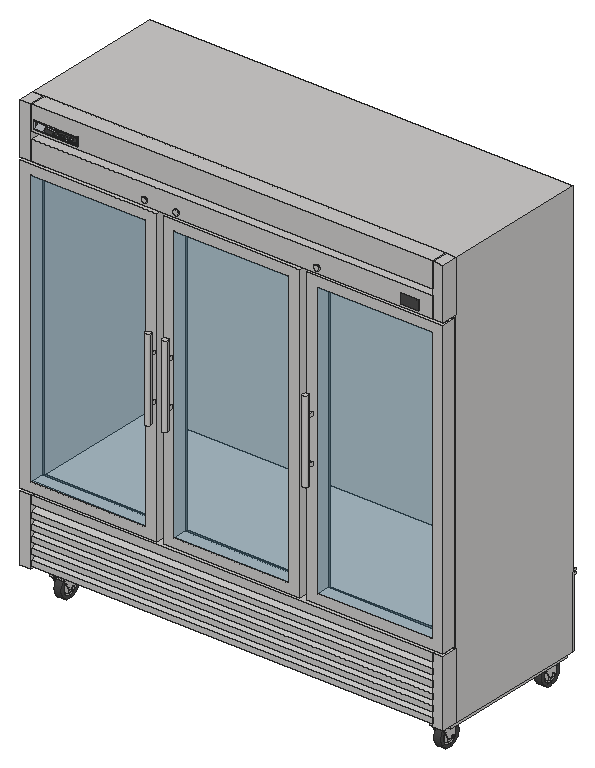
Revit family "QF_TRUE_TS-72FG-HC~FGD01", category Specialty Equipment, Revit 2015 (continued)
Definition of nested family "CASTER-LEGS"
  Definition of nested family "C2.5"
    Parameters
      Specification by User [instance] = ""
      Specification by Manufacturer = ""
      Serial Number = ""
      Seismic Rating = ""
      SMACNA No = ""
      Revision Code [instance] = ""
      Omniclass Number and Title = ""
      NAFEM Spec ID Number = ""
      Model = ""
      MasterSpec. = ""
      Manufacturer = ""
      Item Number [instance] = ""
      Installed By [instance] = ""
      Identify Quantity as Lot [instance] = yes
      Furnished By [instance] = ""
      Foodservice Equipment Identifier [instance] = yes
      Description = ""
      CSI MasterFormat = ""
      CSI Master Format = ""
      Assembly Code = ""
      2.5 Inches Caster [instance] = yes
    Reference planes (in)
      plane 1: z = 0
      plane 2 "RIGHT": x = 0
      plane 3 "FRONT": y = 0
      plane 4 "TOP": z = 2.5
    Forms (in)
      Revolve 1, solid, visible <- "2.5 Inches Caster"
        sketch origin (-1.93794, 0.83816, -1.0041) x (1, 0, 0) y (0, 0, 1)
          loop
            line (0.74055, 1.92597) -> (0.74055, 1.85047) -> (0.79055, 1.80047) -> (0.85055, 1.80047) -> (0.85055, 1.6804) -> (1.235, 1.6804) -> (1.235, 1.61305) -> (1.38673, 1.52545) -> (1.4003, 1.4416) -> (1.34375, 1.4416) -> (1.34375, 1.3166) -> (1.375, 1.3166) -> (1.375, 1.0041) -> (2.48438, 1.0041) -> (2.48438, 1.3166) -> (2.51563, 1.3166) -> (2.51563, 1.4416) -> (2.45908, 1.4416) -> (2.47322, 1.52897) -> (2.62438, 1.61624) -> (2.62438, 1.6804) -> (3.04007, 1.6804) -> (3.04007, 1.80047) -> (3.10007, 1.80047) -> (3.15007, 1.85047) -> (3.15007, 1.92597) -> (0.74055, 1.92597)
          axis (0.74055, 1.92597) -> (3.15007, 1.92597)
        angle from 0 to 360
      Extrusion 2, solid, visible <- "2.5 Inches Caster"
        sketch origin (-1.93794, 1.80294, -3.2541) x (0, 1, 0) y (0, 0, 1)
          loop
            line (-0.64294, 5.43229) -> (-0.64294, 5.55298) -> (-2.21294, 5.55298) -> (-2.21294, 5.30272) -> (-1.81966, 5.30272)
            arc (-1.81966, 5.30272) -> (-1.13638, 5.20789) -> (-0.46376, 5.05475) r 8.02767
            arc (-0.46376, 5.05475) -> (-0.19511, 4.95469) -> (0.05138, 4.80832) r 1.60049
            line (0.05138, 4.80832) -> (0.12713, 4.91318)
            arc (0.12713, 4.91318) -> (-0.07255, 5.06376) -> (-0.29048, 5.18644) r 1.8753
            line (-0.29048, 5.18644) -> (-0.22239, 5.30423)
            arc (-0.22239, 5.30423) -> (-0.42776, 5.38437) -> (-0.64294, 5.43229) r 1.44292
        from 1.17357 to 2.70231
      Revolve 3, solid, visible <- "2.5 Inches Caster"
        sketch origin (0, 2.10856, -3.75) x (0, 1, 0) y (0, 0, 1)
          loop
            line (-1.73858, 6.25) -> (-1.73858, 6.04889) -> (-1.05793, 6.04889) -> (-1.05793, 6.25) -> (-1.73858, 6.25)
          axis (-1.73858, 6.04889) -> (-1.73858, 6.25)
        angle from 0 to 360
      Extrusion 4, solid, visible <- "2.5 Inches Caster"
        sketch origin (-1.98481, 1.80294, -1.7541) x (0, 1, 0) y (0, 0, 1)
          loop
            line (-2.21294, 4.05298) -> (-2.21294, 3.80272) -> (-2.13999, 3.80272)
            arc (-2.13999, 3.80272) -> (-1.62379, 3.51899) -> (-1.39241, 2.97729) r 0.90292
            arc (-1.39241, 2.97729) -> (-1.36136, 2.78161) -> (-1.29729, 2.59413) r 1.15385
            arc (-1.29729, 2.59413) -> (-0.94802, 2.37355) -> (-0.6121, 2.61396) r 0.37001
            arc (-0.6121, 2.61396) -> (-0.59625, 2.66241) -> (-0.58446, 2.712) r 0.61695
            arc (-0.58446, 2.712) -> (-0.36134, 3.11665) -> (0.05609, 3.31484) r 0.75313
            line (0.05609, 3.31484) -> (0.12713, 3.41318)
            arc (0.12713, 3.41318) -> (-0.07255, 3.56376) -> (-0.29048, 3.68644) r 1.8753
            line (-0.29048, 3.68644) -> (-0.22239, 3.80423)
            arc (-0.22239, 3.80423) -> (-0.42776, 3.88437) -> (-0.64294, 3.93229) r 1.44292
            line (-0.64294, 3.93229) -> (-0.64294, 4.05298) -> (-2.21294, 4.05298)
        from 2.74918 to 2.90825
      Extrusion 5, solid, visible <- "2.5 Inches Caster"
        sketch origin (1.98481, 1.80294, -1.7541) x (0, 1, 0) y (0, 0, -1)
          loop
            line (-2.21294, -4.05298) -> (-0.64294, -4.05298) -> (-0.64294, -3.93229)
            arc (-0.64294, -3.93229) -> (-0.42776, -3.88437) -> (-0.22239, -3.80423) r 1.44292
            line (-0.22239, -3.80423) -> (-0.29048, -3.68644)
            arc (-0.29048, -3.68644) -> (-0.07255, -3.56376) -> (0.12713, -3.41318) r 1.8753
            line (0.12713, -3.41318) -> (0.05609, -3.31484)
            arc (0.05609, -3.31484) -> (-0.36134, -3.11665) -> (-0.58446, -2.712) r 0.75313
            arc (-0.58446, -2.712) -> (-0.59625, -2.66241) -> (-0.6121, -2.61396) r 0.61695
            arc (-0.6121, -2.61396) -> (-0.94802, -2.37355) -> (-1.29729, -2.59413) r 0.37001
            arc (-1.29729, -2.59413) -> (-1.36136, -2.78161) -> (-1.39241, -2.97729) r 1.15385
            arc (-1.39241, -2.97729) -> (-1.62379, -3.51899) -> (-2.13999, -3.80272) r 0.90292
            line (-2.13999, -3.80272) -> (-2.21294, -3.80272) -> (-2.21294, -4.05298)
        from 2.74918 to 2.90825
    Lines and regions (in)
      symbolic lines, visible <- "2.5 Inches Caster"
        curve 1: line (0.10651, 1.96132, 0) -> (0.80944, 1.55548, 0)
        curve 2: line (-0.89349, 0.22927, 0) -> (0.10651, 1.96132, 0)
        curve 3: line (-0.19056, -0.17657, 0) -> (-0.89349, 0.22927, 0)
        curve 4: line (0.80944, 1.55548, 0) -> (-0.19056, -0.17657, 0)
    Dimensions and locks (in)
      plane 4 "TOP" to level = 2 1/2"  (x2)
      aligned and locked: level to plane 1
  Definition of nested family "PITCO_5 INCHES CASTER"
    Parameters
      Weight = ""
      URL Manufacturer = ""
      URL Cutsheet = ""
      URL = ""
      Type Mark [instance] = ""
      Status [instance] = ""
      Specification by User [instance] = ""
      Specification by Manufacturer = ""
      Show Casters [instance] = yes
      Rubber = none
      Chrome = none
      Serial Number = ""
      Seismic Rating = ""
      SMACNA No = ""
      Revision Code [instance] = ""
      Omniclass Number and Title = ""
      NAFEM Spec ID Number = ""
      Model = ""
      MasterSpec. = ""
      Manufacturer = ""
      Item Number [instance] = ""
      Installed By [instance] = ""
      Identify Quantity as Lot [instance] = yes
      Furnished By [instance] = ""
      Foodservice Equipment Identifier [instance] = yes
      Description = ""
      CSI MasterFormat = ""
      CSI Master Format = ""
      Assembly Code = ""
    Reference planes (in)
      plane 1: z = 0
      plane 2 "RIGHT": x = 0
      plane 3 "FRONT": y = 0
      plane 4 "TOP": z = 5
    Forms (in)
      Revolve 1, solid, visible <- "Show Casters"
        sketch origin (-180, 1.0625, -34.67466) x (0, 0, -1) y (-1, 0, 0)
          loop
            line (-34.67466, -180.64009) -> (-34.67466, -179.35991) -> (-35.17466, -179.35991) -> (-35.17466, -179.48491) -> (-35.42466, -179.48491) -> (-35.42466, -179.64009) -> (-36.48519, -179.60306) -> (-36.48519, -178.85852) -> (-36.5316, -178.85852) -> (-36.5316, -178.71719) -> (-36.70591, -178.71719) -> (-36.70591, -181.28281) -> (-36.5316, -181.28281) -> (-36.5316, -181.14148) -> (-36.48519, -181.14148) -> (-36.48519, -180.39694) -> (-35.42466, -180.35991) -> (-35.42466, -180.51509) -> (-35.17466, -180.51509) -> (-35.17466, -180.64009) -> (-34.67466, -180.64009)
          axis (-36.70591, -181.28281) -> (-36.70591, -178.71719)
        angle from 0 to 360
      Extrusion 2, solid, visible <- "Show Casters"
        sketch origin (0, 0, -1.11142) x (0, -1, 0) y (1, 0, 0)
          loop
            circle (0, 0) r 1.5
        from 5.61142 to 6.11142
      Extrusion 3, solid, visible <- "Show Casters"
        sketch origin (0, 0, 0.289) x (0, -1, 0) y (0, 0, 1)
          loop
            arc (0.91808, 3.59427) -> (1.13645, 3.7909) -> (1.42156, 3.86198) r 0.60732
            line (1.42156, 3.86198) -> (1.46208, 3.86198) -> (1.43155, 4.211) -> (-1.43155, 4.211)
            arc (-1.43155, 4.211) -> (-1.62474, 4.13098) -> (-1.70476, 3.93778) r 0.27322
            line (-1.70476, 3.93778) -> (-1.70476, 3.78861) -> (-1.76351, 2.11371) -> (-1.82446, 1.68005)
            arc (-1.82446, 1.68005) -> (-1.73191, 1.41127) -> (-1.46007, 1.32816) r 0.31307
            line (-1.46007, 1.32816) -> (-0.60834, 1.47835)
            arc (-0.60834, 1.47835) -> (-0.50841, 1.51771) -> (-0.43181, 1.59299) r 0.26936
            line (-0.43181, 1.59299) -> (0.91808, 3.59427)
        from 0.84601 to 1.05998
      Extrusion 4, solid, visible <- "Show Casters"
        sketch origin (0, 0, -0.82242) x (0, -1, 0) y (0, 0, -1)
          loop
            line (1.43155, -5.32242) -> (1.46208, -4.9734) -> (1.42156, -4.9734)
            arc (1.42156, -4.9734) -> (1.13645, -4.90232) -> (0.91808, -4.70569) r 0.60732
            line (0.91808, -4.70569) -> (-0.43181, -2.70441)
            arc (-0.43181, -2.70441) -> (-0.50841, -2.62913) -> (-0.60834, -2.58977) r 0.26936
            line (-0.60834, -2.58977) -> (-1.46007, -2.43958)
            arc (-1.46007, -2.43958) -> (-1.73191, -2.52269) -> (-1.82446, -2.79147) r 0.31307
            line (-1.82446, -2.79147) -> (-1.76351, -3.22513) -> (-1.70476, -4.90003) -> (-1.70476, -5.0492)
            arc (-1.70476, -5.0492) -> (-1.62474, -5.2424) -> (-1.43155, -5.32242) r 0.27322
            line (-1.43155, -5.32242) -> (1.43155, -5.32242)
        from 0.84601 to 1.05998
      Extrusion 5, solid, visible <- "Show Casters"
        sketch origin (-0.84601, 0, 0.289) x (0, 1, 0) y (0, 0, 1)
          loop
            line (1.43155, 4.211) -> (-1.43155, 4.211) -> (-1.46208, 3.86198) -> (-1.42156, 3.86198)
            arc (-1.42156, 3.86198) -> (-1.13645, 3.7909) -> (-0.91808, 3.59427) r 0.60732
            arc (-0.91808, 3.59427) -> (0.37927, 3.88135) -> (1.70476, 3.78861) r 4.63574
            line (1.70476, 3.78861) -> (1.70476, 3.93778)
            arc (1.70476, 3.93778) -> (1.62474, 4.13098) -> (1.43155, 4.211) r 0.27322
        from 0 to 1.69203
    Cuts and joins
      joined: Extrusion 3, Extrusion 4, Extrusion 5
    Lines and regions (in)
      symbolic lines, visible <- "Show Casters"
        curve 1: line (0.70901, 2.6399, 0) -> (1.79507, 2.01286, 0)
        curve 2: line (-1.79099, -1.69023, 0) -> (0.70901, 2.6399, 0)
        curve 3: line (-0.70493, -2.31727, 0) -> (-1.79099, -1.69023, 0)
        curve 4: line (1.79507, 2.01286, 0) -> (-0.70493, -2.31727, 0)
    Dimensions and locks (in)
      plane 4 "TOP" to level = 5"  (x2)
      aligned and locked: level to plane 1
  Definition of nested family "2.13"
    Parameters
      Weight = ""
      URL Manufacturer = ""
      URL Cutsheet = ""
      URL = ""
      Type Mark [instance] = ""
      Status [instance] = ""
      Specification by User [instance] = ""
      Specification by Manufacturer = ""
      Serial Number = ""
      Seismic Rating = ""
      SMACNA No = ""
      Revision Code [instance] = ""
      Omniclass Number and Title = ""
      NAFEM Spec ID Number = ""
      Model = ""
      MasterSpec. = ""
      Manufacturer = ""
      Item Number [instance] = ""
      Installed By [instance] = ""
      Identify Quantity as Lot [instance] = yes
      Furnished By [instance] = ""
      Foodservice Equipment Identifier [instance] = yes
      Description = ""
      CSI MasterFormat = ""
      CSI Master Format = ""
      Assembly Code = ""
      2.5 Inches Caster [instance] = yes
    Reference planes (in)
      plane 1: z = 0
      plane 2 "RIGHT": x = 0
      plane 3 "FRONT": y = 0
      plane 4 "TOP": z = 2.125
    Forms (in)
      Revolve 1, solid, visible <- "2.5 Inches Caster"
        sketch origin (-1.93794, 0.83816, -1.0041) x (1, 0, 0) y (0, 0, 1)
          loop
            line (0.74055, 1.76972) -> (0.74055, 1.69422) -> (0.79055, 1.64422) -> (0.85055, 1.64422) -> (0.85055, 1.52415) -> (1.235, 1.52415) -> (1.235, 1.4568) -> (1.38673, 1.3692) -> (1.4003, 1.28535) -> (1.34375, 1.28535) -> (1.34375, 1.16035) -> (1.375, 1.16035) -> (1.375, 1.0041) -> (1.87544, 1.0041) -> (1.87544, 1.52415) -> (2.00044, 1.52415) -> (2.00044, 1.0041) -> (2.48438, 1.0041) -> (2.48438, 1.16035) -> (2.51563, 1.16035) -> (2.51563, 1.28535) -> (2.45908, 1.28535) -> (2.47322, 1.37272) -> (2.62438, 1.45999) -> (2.62438, 1.52415) -> (3.04007, 1.52415) -> (3.04007, 1.64422) -> (3.10007, 1.64422) -> (3.15007, 1.69422) -> (3.15007, 1.76972) -> (0.74055, 1.76972)
          axis (0.74055, 1.76972) -> (3.15007, 1.76972)
        angle from 0 to 360
      Extrusion 2, solid, visible <- "2.5 Inches Caster"
        sketch origin (-1.93794, 1.80294, -3.6291) x (0, 1, 0) y (0, 0, 1)
          loop
            line (-0.64294, 5.43229) -> (-0.64294, 5.55298) -> (-2.21294, 5.55298) -> (-2.21294, 5.30272) -> (-1.81966, 5.30272)
            arc (-1.81966, 5.30272) -> (-1.13638, 5.20789) -> (-0.46376, 5.05475) r 8.02767
            arc (-0.46376, 5.05475) -> (-0.19511, 4.95469) -> (0.05138, 4.80832) r 1.60049
            line (0.05138, 4.80832) -> (0.12713, 4.91318)
            arc (0.12713, 4.91318) -> (-0.07255, 5.06376) -> (-0.29048, 5.18644) r 1.8753
            line (-0.29048, 5.18644) -> (-0.22239, 5.30423)
            arc (-0.22239, 5.30423) -> (-0.42776, 5.38437) -> (-0.64294, 5.43229) r 1.44292
        from 1.17357 to 2.70231
      Revolve 3, solid, visible <- "2.5 Inches Caster"
        sketch origin (0, 2.10856, -4.125) x (0, 1, 0) y (0, 0, 1)
          loop
            line (-1.73858, 6.25) -> (-1.73858, 6.04889) -> (-1.05793, 6.04889) -> (-1.05793, 6.25) -> (-1.73858, 6.25)
          axis (-1.73858, 6.04889) -> (-1.73858, 6.25)
        angle from 0 to 360
      Extrusion 4, solid, visible <- "2.5 Inches Caster"
        sketch origin (-1.98481, 1.80294, -2.1291) x (0, 1, 0) y (0, 0, 1)
          loop
            line (-2.21294, 4.05298) -> (-2.21294, 3.80272) -> (-2.13999, 3.80272)
            arc (-2.13999, 3.80272) -> (-1.62379, 3.51899) -> (-1.39241, 2.97729) r 0.90292
            arc (-1.39241, 2.97729) -> (-1.36136, 2.78161) -> (-1.29729, 2.59413) r 1.15385
            arc (-1.29729, 2.59413) -> (-0.94802, 2.37355) -> (-0.6121, 2.61396) r 0.37001
            arc (-0.6121, 2.61396) -> (-0.59625, 2.66241) -> (-0.58446, 2.712) r 0.61695
            arc (-0.58446, 2.712) -> (-0.36134, 3.11665) -> (0.05609, 3.31484) r 0.75313
            line (0.05609, 3.31484) -> (0.12713, 3.41318)
            arc (0.12713, 3.41318) -> (-0.07255, 3.56376) -> (-0.29048, 3.68644) r 1.8753
            line (-0.29048, 3.68644) -> (-0.22239, 3.80423)
            arc (-0.22239, 3.80423) -> (-0.42776, 3.88437) -> (-0.64294, 3.93229) r 1.44292
            line (-0.64294, 3.93229) -> (-0.64294, 4.05298) -> (-2.21294, 4.05298)
        from 2.74918 to 2.90825
      Extrusion 5, solid, visible <- "2.5 Inches Caster"
        sketch origin (1.98481, 1.80294, -2.1291) x (0, 1, 0) y (0, 0, -1)
          loop
            line (-2.21294, -4.05298) -> (-0.64294, -4.05298) -> (-0.64294, -3.93229)
            arc (-0.64294, -3.93229) -> (-0.42776, -3.88437) -> (-0.22239, -3.80423) r 1.44292
            line (-0.22239, -3.80423) -> (-0.29048, -3.68644)
            arc (-0.29048, -3.68644) -> (-0.07255, -3.56376) -> (0.12713, -3.41318) r 1.8753
            line (0.12713, -3.41318) -> (0.05609, -3.31484)
            arc (0.05609, -3.31484) -> (-0.36134, -3.11665) -> (-0.58446, -2.712) r 0.75313
            arc (-0.58446, -2.712) -> (-0.59625, -2.66241) -> (-0.6121, -2.61396) r 0.61695
            arc (-0.6121, -2.61396) -> (-0.94802, -2.37355) -> (-1.29729, -2.59413) r 0.37001
            arc (-1.29729, -2.59413) -> (-1.36136, -2.78161) -> (-1.39241, -2.97729) r 1.15385
            arc (-1.39241, -2.97729) -> (-1.62379, -3.51899) -> (-2.13999, -3.80272) r 0.90292
            line (-2.13999, -3.80272) -> (-2.21294, -3.80272) -> (-2.21294, -4.05298)
        from 2.74918 to 2.90825
    Lines and regions (in)
      symbolic lines, visible <- "2.5 Inches Caster"
        curve 1: line (0.10651, 1.27186, 0) -> (0.80944, 0.86603, 0)
        curve 2: line (-0.89349, -0.46019, 0) -> (0.10651, 1.27186, 0)
        curve 3: line (-0.19056, -0.86603, 0) -> (-0.89349, -0.46019, 0)
        curve 4: line (0.80944, 0.86603, 0) -> (-0.19056, -0.86603, 0)
    Dimensions and locks (in)
      plane 4 "TOP" to level = 2 1/8"  (x2)
      aligned and locked: level to plane 1
  Definition of nested family "C4"
    Parameters
      Weight = ""
      URL Manufacturer = ""
      URL Cutsheet = ""
      URL = ""
      Type Mark [instance] = ""
      Specification by User [instance] = ""
      Specification by Manufacturer = ""
      Show 4 Inches Casters [instance] = yes
      Serial Number = ""
      Seismic Rating = ""
      SMACNA No = ""
      Revision Code [instance] = ""
      Omniclass Number and Title = ""
      NAFEM Spec ID Number = ""
      Model = ""
      MasterSpec. = ""
      Manufacturer = ""
      Item Number [instance] = ""
      Installed By [instance] = ""
      Identify Quantity as Lot [instance] = yes
      Furnished By [instance] = ""
      Foodservice Equipment Identifier [instance] = yes
      Description = ""
      CSI MasterFormat = ""
      CSI Master Format = ""
      Assembly Code = ""
    Reference planes (in)
      plane 1: z = 0
      plane 2 "RIGHT": x = 0
      plane 3 "FRONT": y = 0
      plane 4 "TOP": z = 4
    Forms (in)
      Revolve 1, solid, visible <- "Show 4 Inches Casters"
        sketch origin (-1.93794, 0.83816, -1.0041) x (1, 0, 0) y (0, 0, 1)
          loop
            line (0.74055, 2.5041) -> (3.15007, 2.5041) -> (3.15007, 2.5796) -> (3.10007, 2.6296) -> (3.04007, 2.6296) -> (3.04007, 2.74967) -> (2.62438, 2.74967) -> (2.62438, 2.93884) -> (2.48438, 3.01967) -> (2.45908, 3.17597) -> (2.51563, 3.17597) -> (2.51563, 3.41035) -> (2.48438, 3.41035) -> (2.48438, 4.0041) -> (1.375, 4.0041) -> (1.375, 3.41035) -> (1.34375, 3.41035) -> (1.34375, 3.17597) -> (1.4003, 3.17597) -> (1.37557, 3.02318) -> (1.235, 2.94202) -> (1.235, 2.74967) -> (0.85055, 2.74967) -> (0.85055, 2.6296) -> (0.79055, 2.6296) -> (0.74055, 2.5796) -> (0.74055, 2.5041)
          axis (0.74055, 2.5041) -> (3.15007, 2.5041)
        angle from 0 to 360
      Extrusion 2, solid, visible <- "Show 4 Inches Casters"
        sketch origin (-1.93794, 1.80294, -1.7541) x (0, 1, 0) y (0, 0, 1)
          loop
            line (-3.08794, 5.33423) -> (-3.08794, 5.00584) -> (-2.69466, 5.00584)
            arc (-2.69466, 5.00584) -> (-1.57175, 4.94895) -> (-0.46376, 4.75787) r 9.36411
            arc (-0.46376, 4.75787) -> (-0.05889, 4.58436) -> (0.28335, 4.30705) r 1.60049
            line (0.28335, 4.30705) -> (0.34449, 4.39437)
            arc (0.34449, 4.39437) -> (0.12713, 4.6163) -> (-0.1239, 4.79931) r 1.8753
            line (-0.1239, 4.79931) -> (-0.05749, 4.91421)
            arc (-0.05749, 4.91421) -> (-0.33807, 5.05694) -> (-0.64294, 5.13542) r 1.44292
            line (-0.64294, 5.13542) -> (-0.64294, 5.33423) -> (-3.08794, 5.33423)
        from 1.1267 to 2.74918
      Revolve 3, solid, visible <- "Show 4 Inches Casters"
        sketch origin (0, 2.15543, -2.25) x (0, 1, 0) y (0, 0, 1)
          loop
            line (-2.21793, 6.25) -> (-2.21793, 5.83014) -> (-1.05793, 5.83014) -> (-1.05793, 6.25) -> (-2.21793, 6.25)
          axis (-2.21793, 5.83014) -> (-2.21793, 6.25)
        angle from 0 to 360
      Extrusion 4, solid, visible <- "Show 4 Inches Casters"
        sketch origin (-1.93794, 1.80294, -1.7541) x (0, 1, 0) y (0, 0, 1)
          loop
            line (-3.08794, 5.33423) -> (-3.08794, 5.00584) -> (-2.8913, 5.00584)
            arc (-2.8913, 5.00584) -> (-2.09118, 4.14057) -> (-1.45681, 3.14736) r 6.63355
            arc (-1.45681, 3.14736) -> (-0.85703, 2.75969) -> (-0.4561, 3.35069) r 0.5107
            arc (-0.4561, 3.35069) -> (-0.27092, 3.92503) -> (0.24034, 4.24562) r 0.88136
            line (0.24034, 4.24562) -> (0.34449, 4.39437)
            arc (0.34449, 4.39437) -> (0.12713, 4.6163) -> (-0.1239, 4.79931) r 1.8753
            line (-0.1239, 4.79931) -> (-0.05749, 4.91421)
            arc (-0.05749, 4.91421) -> (-0.33807, 5.05694) -> (-0.64294, 5.13542) r 1.44292
            line (-0.64294, 5.13542) -> (-0.64294, 5.33423) -> (-3.08794, 5.33423)
        from 2.74918 to 2.90825
      Extrusion 5, solid, visible <- "Show 4 Inches Casters"
        sketch origin (1.93794, 1.80294, -1.7541) x (0, 1, 0) y (0, 0, -1)
          loop
            line (-3.08794, -5.33423) -> (-0.64294, -5.33423) -> (-0.64294, -5.13542)
            arc (-0.64294, -5.13542) -> (-0.33807, -5.05694) -> (-0.05749, -4.91421) r 1.44292
            line (-0.05749, -4.91421) -> (-0.1239, -4.79931)
            arc (-0.1239, -4.79931) -> (0.12713, -4.6163) -> (0.34449, -4.39437) r 1.8753
            line (0.34449, -4.39437) -> (0.24034, -4.24562)
            arc (0.24034, -4.24562) -> (-0.27092, -3.92503) -> (-0.4561, -3.35069) r 0.88136
            arc (-0.4561, -3.35069) -> (-0.85703, -2.75969) -> (-1.45681, -3.14736) r 0.5107
            arc (-1.45681, -3.14736) -> (-2.09118, -4.14057) -> (-2.8913, -5.00584) r 6.63355
            line (-2.8913, -5.00584) -> (-3.08794, -5.00584) -> (-3.08794, -5.33423)
        from 2.74918 to 2.90825
    Cuts and joins
      joined: Extrusion 2, Extrusion 4, Extrusion 5
    Lines and regions (in)
      symbolic lines, visible <- "Show 4 Inches Casters"
        curve 1: line (0.28481, 1.83041, 0) -> (1.24556, 1.27572, 0)
        curve 2: line (-1.26206, -0.84886, 0) -> (0.28481, 1.83041, 0)
        curve 3: line (-0.30132, -1.40355, 0) -> (-1.26206, -0.84886, 0)
        curve 4: line (1.24556, 1.27572, 0) -> (-0.30132, -1.40355, 0)
    Dimensions and locks (in)
      plane 4 "TOP" to level = 4"  (x2)
      aligned and locked: level to plane 1
  Definition of nested family "6 Inches Leg & Caster"
    Parameters
      Weight = ""
      URL Manufacturer = ""
      URL Cutsheet = ""
      URL = ""
      Type Mark [instance] = ""
      Status [instance] = ""
      Specification by User [instance] = ""
      Specification by Manufacturer = ""
      Show Casters [instance] = yes
      Serial Number = ""
      Seismic Rating = ""
      SMACNA No = ""
      Revision Code [instance] = ""
      Omniclass Number and Title = ""
      NAFEM Spec ID Number = ""
      Model = ""
      MasterSpec. = ""
      Manufacturer = ""
      Item Number [instance] = ""
      Installed By [instance] = ""
      Identify Quantity as Lot [instance] = yes
      Furnished By [instance] = ""
      Foodservice Equipment Identifier [instance] = yes
      Description = ""
      CSI MasterFormat = ""
      CSI Master Format = ""
    Reference planes (in)
      plane 1 "BACK": y = 0
      plane 2: z = 0
      plane 3 "LEFT": x = 0
      plane 4 "RIGHT": x = 0
      plane 5 "FRONT": y = 0
      plane 6 "TOP": z = 6.25
    Forms (in)
      Revolve 1, solid, visible <- "Show Casters"
        sketch origin (-2.21793, 0, -0.25) x (-1, 0, 0) y (0, 0, 1)
          loop
            line (-2.21793, 6) -> (-2.21793, 5.55584) -> (-0.93693, 5.55584) -> (-0.93693, 6) -> (-2.21793, 6)
          axis (-2.21793, 5.55584) -> (-2.21793, 6)
        angle from 0 to 360
      Extrusion 2, solid, visible <- "Show Casters"
        sketch origin (0.25594, 2.21793, -0.1875) x (0, 1, 0) y (0, 0, 1)
          loop
            line (-3.37793, 5.49334) -> (-3.37793, 5.24334) -> (-1.63015, 2.08504)
            arc (-1.63015, 2.08504) -> (-0.63555, 1.74359) -> (-0.1951, 2.69848) r 0.78437
            line (-0.1951, 2.69848) -> (-1.06726, 5.49334) -> (-3.37793, 5.49334)
        from 0.78968 to 0.90247
      Extrusion 3, solid, visible <- "Show Casters"
        sketch origin (0, 0, 5.75) x (0, 1, 0) y (-1, 0, 0)
          loop
            circle (0, 0) r 0.75
        from 0 to 0.5
      Extrusion 4, solid, visible <- "Show Casters"
        sketch origin (-0.25594, 2.21793, -0.1875) x (0, 1, 0) y (0, 0, -1)
          loop
            line (-3.37793, -5.49334) -> (-1.06726, -5.49334) -> (-0.1951, -2.69848)
            arc (-0.1951, -2.69848) -> (-0.63555, -1.74359) -> (-1.63015, -2.08504) r 0.78437
            line (-1.63015, -2.08504) -> (-3.37793, -5.24334) -> (-3.37793, -5.49334)
        from 0.78968 to 0.90247
      Extrusion 5, solid, visible <- "Show Casters"
        sketch origin (0, 0, 0.75) x (0, 1, 0) y (0, 0, 1)
          loop
            line (-1.16, 4.55584) -> (-1.16, 4.30584) -> (1.15067, 4.30584) -> (1.15067, 4.55584) -> (-1.16, 4.55584)
        from -1.04562 to 1.04562
      Revolve 6, solid, visible <- "Show Casters"
        sketch origin (-1.9375, 1.23015, -0.12802) x (1, 0, 0) y (0, 0, 1)
          loop
            line (0.5843, 2.5041) -> (0.5843, 2.3661) -> (0.6343, 2.3161) -> (0.6943, 2.3161) -> (0.6943, 2.1804) -> (1.1725, 2.1804) -> (1.1725, 1.78493) -> (1.31307, 1.70377) -> (1.42647, 1.00302) -> (1.28125, 1.00302) -> (1.28125, 0.75302) -> (1.3125, 0.75302) -> (1.3125, 0.50302)
            arc (1.3125, 0.50302) -> (1.42233, 0.23785) -> (1.6875, 0.12802) r 0.375
            line (1.6875, 0.12802) -> (2.1875, 0.12802)
            arc (2.1875, 0.12802) -> (2.45267, 0.23785) -> (2.5625, 0.50302) r 0.375
            line (2.5625, 0.50302) -> (2.5625, 0.75302) -> (2.59375, 0.75302) -> (2.59375, 1.00302) -> (2.44853, 1.00302) -> (2.5625, 1.70728) -> (2.7025, 1.78811) -> (2.7025, 2.1804) -> (3.1807, 2.1804) -> (3.1807, 2.3161) -> (3.2407, 2.3161) -> (3.2907, 2.3661) -> (3.2907, 2.5041) -> (0.5843, 2.5041)
          axis (0.5843, 2.5041) -> (3.2907, 2.5041)
        angle from 0 to 360
    Cuts and joins
      joined: Extrusion 2, Extrusion 4, Extrusion 5
    Lines and regions (in)
      symbolic lines, visible <- "Show Casters"
        curve 1: line (0.46086, 2.04455, 0) -> (1.54339, 1.41955, 0)
        curve 2: line (-1.53914, -1.41955, 0) -> (0.46086, 2.04455, 0)
        curve 3: line (-0.45661, -2.04455, 0) -> (-1.53914, -1.41955, 0)
        curve 4: line (1.54339, 1.41955, 0) -> (-0.45661, -2.04455, 0)
    Dimensions and locks (in)
      plane 6 "TOP" to level = 6 1/4"  (x2)
      aligned and locked: level to plane 2
